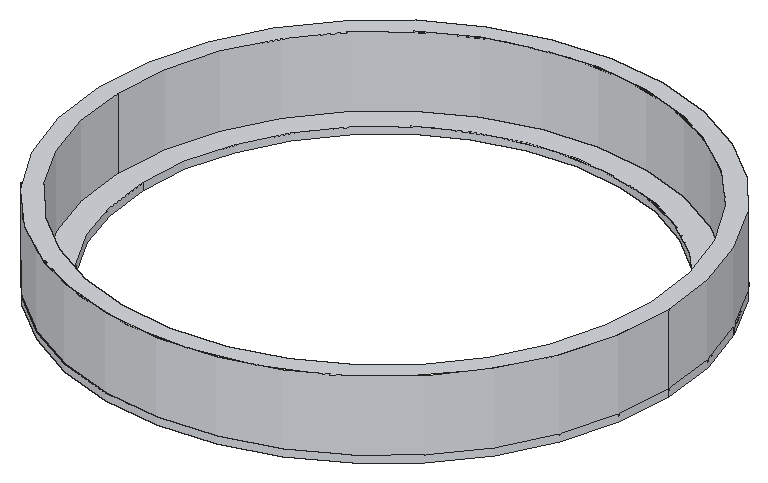
Revit family "FBB9", category Generic Models, Revit 2017
Family settings
  Can host rebar = No
  Round Connector Dimension = Use Diameter
  Part Type = Normal
  Work Plane-Based = Yes
  Always vertical = No
  Cut with Voids When Loaded = No
  Shared = No
  Room Calculation Point = No
Parameters (values of type "NBS Standard Parameters")
  Weight = "0.118Kg"
  WarrantyStartDate [instance] = "1900-12-31T23:59:59"
  WarrantyGuarantorParts = "n/a"
  WarrantyGuarantorLabor = "n/a"
  WarrantyDurationUnit = "1 year"
  WarrantyDurationParts = "n/a"
  WarrantyDurationLabor = "n/a"
  WarrantyDescription = "n/a"
  Version = "1"
  Uniclass2 = "Pr_65_70_11_20"
  TagNumber [instance] = "n/a"
  SustainabilityPerformance = "n/a"
  Size = "3\""
  Shape = "Circular"
  SerialNumber [instance] = "n/a"
  Revision = "n/a"
  ReplacementCost = "n/a"
  ProductInformation = "www.metpro.co.uk/pdf/fbb9.pdf"
  NominalWidth = 80 mm
  NominalLength = 80 mm
  NominalHeight = 11 mm
  Name = ""
  NBSTypeID = ""
  NBSReference = "90-55-10/460"
  NBSOfficeMasterTag = ""
  NBSNote = ""
  NBSDescription = "Conduit Fittings"
  NBSCertification = ""
  ModelReference = "FBB9"
  ModelNumber = "n/a"
  Material = "Brass"
  ManufacturerURL = "www.metpro.co.uk"
  ManufacturerName = "Metpro Ltd"
  InstallationDate [instance] = "1900-12-31T23:59:59"
  IfcExportType = ""
  IfcExportAs = ""
  Grade = "n/a"
  Finish = "Self Colour"
  Features = "n/a"
  ExpectedLife = "n/a"
  DurationUnit = "year"
  Description = "3\" Female Brass Bush"
  Default Elevation = 1219.2 mm
  Constituents = "n/a"
  Color = "n/a"
  CodePerformance = "n/a"
  Category = "n/a"
  BarCode [instance] = "n/a"
  BIMObjectName = "metpro_metprolibrary_conduitfittings_metalcomponent_brassaccessories"
  Author = "Metpro Limited"
  AssetType = ""
  AssetIdentifier [instance] = "n/a"
  AccessibilityPerformance = "n/a"
Reference planes
  plane 1 "Center (Front/Back)": y = 0
  plane 2: z = 0
  plane 3 "Center (Left/Right)": x = 0
Forms (mm)
  Extrusion 1, solid
    sketch origin (10.708, 8.667, 4.855) x (1, 0, 0) y (0, 1, 0)
      loop
        circle (-10.708, -10.355) r 40
      loop
        circle (-10.708, -10.355) r 37.5
    from 0 to 11
  Extrusion 2, solid
    sketch origin (10.708, 8.667, 4.855) x (1, 0, 0) y (0, 1, 0)
      loop
        circle (-10.708, -10.355) r 34
      loop
        circle (-10.708, -10.355) r 40
    from 0 to 1
Dimensions and locks
  aligned and locked: level to plane 2
